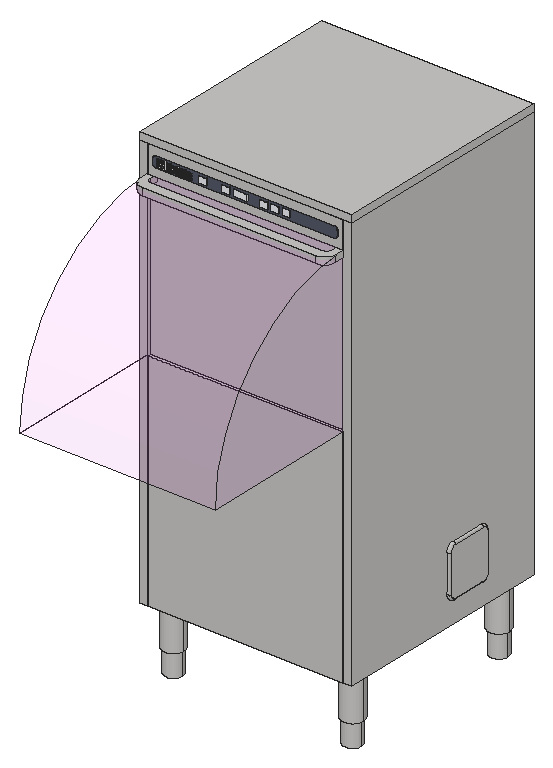
Revit family "QF_ELECTROLUXPROFESSIONAL_503023_WTU40PDP", category Attrezzature speciali, Revit 2020
Family settings
  Quota connettore circolare = Usa diametro
  Tipo di parte = Normale
  Basato su piano di lavoro = No
  Sempre verticale = Sì
  Taglio con vuoti quando caricato = No
  Condiviso = No
  Punto di calcolo locali = No
Parameters (values of type "Standard")
  Weight = 88.00 kg
  Watts = 9900 W
  Volts = 400 V
  URL Manufacturer = "https://www.electroluxprofessional.com/"
  URL = "https://www.electroluxprofessional.com/"
  Steam Supply Size = 0 mm
  Steam Supply Minimum Pressure = 0.0 Pa
  Steam Supply Maximum Pressure = 0.0 Pa
  Steam Consumption per Hour = 0
  Show Logo [instance] = yes
  Show Clearance [instance] = yes
  Refrigeration Suction Line Size = 0 mm
  Refrigeration Liquid Line Size = 0 mm
  Refrigerant Compressor Remote = yes
  Prospetto di default = 0 mm
  Produttore = "Electrolux Professional"
  Phase = 3
  Modello = "WTU40PDP"
  Length Actual = 642 mm  # constant formula
  Item Number = "503023"
  Hot Water Size = 19.05 mm
  Height Actual = 1477 mm  # constant formula
  HP = "13.3 HP"
  Gas Size = 0 mm
  Gas KW = 0
  Gas Input Pressure = 0 W
  Direct Waste Size = 20.5 mm
  Descrizione = "UTENSIL/DISHW. 65B/H,DRAIN P,PRESS.BOIL."
  Depth Actual = 723 mm  # constant formula
  Cycle = 50 Hz
  Condensate Return Size = 0 mm
  Compressed Air Volume = 0.0 L/s
  Compressed Air Size = 0 mm
  Compressed Air Pressure = 0.0 Pa
  Cold Water Size = 0 mm
  Accessory = yes
Reference planes
  plane 1: z = 0
  plane 2 "LEFT": x = -438
  plane 3 "BACK": y = 450
  plane 4: z = 904
  plane 5: y = 381
  plane 6: x = -388
  plane 7: z = 200
  plane 8: x = 204
  plane 9: x = -117
  plane 10: z = 880
  plane 11: z = 1477
  plane 12: z = 1363
  plane 13: x = 154
  plane 14: y = -239
  plane 15: y = -172
  plane 16: through (180, 105, 4000) normal (-0.7071, -0.7071, 0)
  plane 17: through (180, 125, 4000) normal (0.7071, -0.7071, 0)
  plane 18: through (47, -3351, 200) normal (-0.7071, 0, -0.7071)
  plane 19: through (47, -3351, 220) normal (0.7071, 0, -0.7071)
  plane 20: y = 392
  plane 21: x = -173
  plane 22: y = 392
  plane 23: x = -117
  plane 24: y = -76
  plane 25: x = -208
Forms (mm)
  Extrusion 1, solid, material "QF_Finishes_Stainless Steel"
    sketch origin (0, 211, 0) x (1, 0, 0) y (0, 1, 0)
      loop
        line (-438, 239) -> (-438, -450) -> (-413, -450) -> (-413, -418) -> (179, -418) -> (179, -450) -> (204, -450) -> (204, 239) -> (-438, 239)
    from 200 to 1455
  Extrusion 2, solid, material "QF_Finishes_Stainless Steel"
    sketch origin (-247.596, -58.023, 198) x (0, -1, 0) y (1, 0, 0)
      loop
        line (-163.023, 407.596) -> (-163.023, 427.596) -> (-183.023, 427.596) -> (-183.023, 407.596) -> (-163.023, 407.596)
    from 0 to 2
  Extrusion 3, solid, material "QF_Finishes_Stainless Steel"
    sketch origin (-1275.159, 1164.464, 194.383) x (1, 0, 0) y (0, 1, 0)
      loop
        circle (1102.159, -772.464) r 10
    from -9.383 to 5.617
  Extrusion 4, solid, material "QF_Finishes_Stainless Steel"
    sketch origin (-30, 211, -709) x (1, 0, 0) y (0, 1, 0)
      loop
        line (-383, -440) -> (209, -440) -> (209, -420) -> (-383, -420) -> (-383, -440)
    from 1589 to 2082
  Extrusion 5, solid, material "QF_Finishes_Stainless Steel"
    sketch origin (-30, 211, -1192) x (1, 0, 0) y (0, 1, 0)
      loop
        line (-383, -450) -> (209, -450) -> (209, -420) -> (-383, -420) -> (-383, -450)
    from 1392 to 2072
  Extrusion 6, solid, material "QF_Finishes_Door Clearance", visible <- "Show Clearance"
    sketch origin (-259, -429, 522.718) x (0, 1, 0) y (0, 0, -1)
      loop
        line (200, -357.282) -> (-293, -357.282)
        arc (-293, -357.282) -> (-148.604, -705.885) -> (200, -850.282) r 493
        line (200, -850.282) -> (200, -357.282)
    from 154 to -438
  Extrusion 7, solid, material "QF_Finishes_Stainless Steel"
    sketch origin (-30, 211, -19) x (1, 0, 0) y (0, 1, 0)
      loop
        line (-383, -450) -> (209, -450) -> (209, -420) -> (-383, -420) -> (-383, -450)
    from 1392 to 1474
  Extrusion 8, solid, material "QF_Finishes_Stainless Steel"
    sketch origin (-57, 0, 63) x (1, 0, 0) y (0, 1, 0)
      loop
        line (-381, -239) -> (261, -239) -> (261, 450) -> (-381, 450) -> (-381, -239)
    from 1392 to 1414
  Extrusion 9, solid, material "QF_Finishes_Stainless Steel"
    sketch origin (-380.596, 450, 36.977) x (1, 0, 0) y (0, 0, -1)
      loop
        line (407.596, -163.023) -> (407.596, -183.023) -> (427.596, -183.023) -> (427.596, -163.023) -> (407.596, -163.023)
    from 0 to 2
  Extrusion 10, solid, material "QF_Finishes_Stainless Steel"
    sketch origin (-1219.159, 1164.464, 194.383) x (1, 0, 0) y (0, 1, 0)
      loop
        circle (1102.159, -772.464) r 10
    from -9.383 to 5.617
  Extrusion 11, solid, material "QF_Finishes_Stainless Steel"
    sketch origin (-1107.159, 1164.464, 194.383) x (1, 0, 0) y (0, 1, 0)
      loop
        circle (1102.159, -772.464) r 10
    from -9.383 to 5.617
  Extrusion 12, solid, material "QF_Finishes_Stainless Steel"
    sketch origin (-1310.159, 696.464, 194.383) x (1, 0, 0) y (0, 1, 0)
      loop
        circle (1102.159, -772.464) r 10
    from -9.383 to 5.617
Dimensions and locks
  plane 4 to level = 904 mm
  plane 3 "BACK" to plane 5 = 69 mm
  plane 2 "LEFT" to plane 6 = 50 mm
  plane 2 "LEFT" to plane 8 = 642 mm
  equal spacing: plane 2 "LEFT", plane 9, plane 8
  plane 10 to level = 880 mm
  plane 11 to level = 1477 mm
  plane 12 to plane 10 = 483 mm
  nested 1 to plane 6 = 0 mm
  plane 13 to plane 8 = 50 mm
  plane 3 "BACK" to plane 14 = 689 mm
  plane 15 to plane 14 = 67 mm
  aligned and locked: level to plane 1
Automatic sketch dimensions
  Extrusion 1 sketch curve to plane 2 "LEFT" = 0 mm
  plane 14 to Extrusion 1 sketch curve = 0 mm  (x2)
  Extrusion 1 sketch curve to plane 3 "BACK" = 0 mm
  Extrusion 1 sketch curve to plane 8 = 0 mm
  plane 2 "LEFT" to Extrusion 1 sketch curve = 25 mm
  plane 8 to Extrusion 1 sketch curve = 25 mm
  Extrusion 1 sketch curve to plane 14 = 32 mm
  Extrusion 2 sketch curve to plane 16 = 0 mm
  plane 17 to Extrusion 2 sketch curve = 0 mm
  Extrusion 2 sketch curve to plane 17 = 0 mm
  Extrusion 2 sketch curve to plane 13 = 6 mm
  plane 20 to Extrusion 3 sketch curve = 0 mm
  Extrusion 3 sketch curve to plane 21 = 0 mm
  plane 2 "LEFT" to Extrusion 4 sketch curve = 25 mm
  plane 8 to Extrusion 4 sketch curve = 25 mm
  Extrusion 4 sketch curve to plane 14 = 10 mm
  Extrusion 4 sketch curve to Extrusion 4 sketch curve = 20 mm
  plane 14 to Extrusion 5 sketch curve = 0 mm
  plane 2 "LEFT" to Extrusion 5 sketch curve = 25 mm
  plane 8 to Extrusion 5 sketch curve = 25 mm
  Extrusion 5 sketch curve to plane 14 = 30 mm
  plane 10 to Extrusion 6 sketch curve = 0 mm  (x2)
  Extrusion 6 sketch curve to plane 14 = 10 mm
  plane 12 to Extrusion 6 sketch curve = 10 mm
  plane 14 to Extrusion 7 sketch curve = 0 mm
  plane 2 "LEFT" to Extrusion 7 sketch curve = 25 mm
  plane 8 to Extrusion 7 sketch curve = 25 mm
  Extrusion 7 sketch curve to plane 14 = 30 mm
  Extrusion 8 sketch curve to plane 3 "BACK" = 0 mm
  plane 14 to Extrusion 8 sketch curve = 0 mm
  Extrusion 8 sketch curve to plane 8 = 0 mm
  Extrusion 8 sketch curve to plane 2 "LEFT" = 0 mm
  plane 18 to Extrusion 9 sketch curve = 0 mm
  Extrusion 9 sketch curve to plane 7 = 0 mm
  Extrusion 9 sketch curve to plane 19 = 0 mm  (x2)
  Extrusion 10 sketch curve to plane 9 = 0 mm
  plane 20 to Extrusion 10 sketch curve = 0 mm
  plane 20 to Extrusion 11 sketch curve = 0 mm
  Extrusion 11 sketch curve to plane 9 = 112 mm
  plane 2 "LEFT" to Extrusion 12 sketch curve = 230 mm
  Extrusion 12 sketch curve to plane 5 = 457 mm
  radius of Extrusion 3 sketch curve = 10 mm
  radius of Extrusion 10 sketch curve = 10 mm
  radius of Extrusion 11 sketch curve = 10 mm
  radius of Extrusion 12 sketch curve = 10 mm
Nested families
  nested 1: "Piedino H200 - DISHWASHING" at (-388, -172, 0), type "Piedino H200 - DISHWASHING"
    with H 200 mm
  nested 2: "Piedino H200 - DISHWASHING" at (-388, 381, 0), type "Piedino H200 - DISHWASHING"
    with H 200 mm
  nested 3: "Piedino H200 - DISHWASHING" at (154, -172, 0), type "Piedino H200 - DISHWASHING"
    with H 200 mm
  nested 4: "Piedino H200 - DISHWASHING" at (154, 381, 0), type "Piedino H200 - DISHWASHING"
    with H 200 mm
  nested 5: "MANIGLIA_DISHWASHING_ROUND" at (-117, -229, 1362.997) x (1, 0, 0) z (0, -1, 0), type "MANIGLIA_DISHWASHING_ROUND"
  nested 6: "Tastierino_DISHWASHING_BLU ELECTROLUX - LUNGO" at (-117, -239, 1414) x (1, 0, 0) z (0, -1, 0), type "Tastierino_DISHWASHING_BLU ELECTROLUX - LUNGO"
    with Show Logo yes
  nested 7: "BOCCHETTONE DISHWASHING" at (204, 191, 350) x (0, -1, 0) z (1, 0, 0), type "BOCCHETTONE DISHWASHING"
  nested 8: "ELX_LOGO_MONO_SMALL_WHITE" at (-360.07, -240, 1463) x (1, 0, 0) z (0, -1, 0), Show Logo <- "Show Logo", visible <- "Show Logo", type "ELX_LOGO_MONO_SMALL_WHITE"
    with Show Logo yes
  nested 9: "ELX_LOGO_WORDS_WHITE" at (-314.654, -240, 1414) x (1, 0, 0) z (0, -1, 0), Show Logo <- "Show Logo", visible <- "Show Logo", type "ELX_LOGO_WORDS_WHITE"
    with Show Logo yes
Connectors
  electrical at (170, 115, 198)
    settings: on Extrusion 2, index 69, voltage 0 V, apparent load 0 VA, apparent load phase1 0 VA, apparent load phase2 0 VA, apparent load phase3 0 VA, power factor 1, load classification "Altro", number of poles 1, system type 30, power factor state 1, is connector primary yes, connector utility no, sub classification motor no, connector description "EI"
  piping at (-173, 392, 185), diameter 12.9
    settings: on Extrusion 3, index 70, connector inside diameter 609.6 mm, connector length 0 mm, flow factor 0, pipe flow 0.0 L/s, pressure drop 0.0 Pa, fitting loss kfactor 0, connector angle 0.00°, fixture units 0, engagement length 0 mm, angle of deflection 0.00°, flow configuration 0, flow direction 0, fitting loss method 0, system type 29, joint type 0, gender type 0, connector reference index -1, connector utility 0, adjustable connector no, is connector primary yes, connector description "XD"
  electrical at (37, 450, 210)
    settings: on Extrusion 9, index 71, voltage 0 V, apparent load 0 VA, apparent load phase1 0 VA, apparent load phase2 0 VA, apparent load phase3 0 VA, power factor 1, load classification "Altro", number of poles 1, system type 30, power factor state 1, is connector primary no, connector utility no, sub classification motor no, connector description "EQ"
  piping at (-117, 392, 185), diameter 12.9
    settings: on Extrusion 10, index 72, connector inside diameter 609.6 mm, connector length 0 mm, flow factor 0, pipe flow 0.0 L/s, pressure drop 0.0 Pa, fitting loss kfactor 0, connector angle 0.00°, fixture units 0, engagement length 0 mm, angle of deflection 0.00°, flow configuration 0, flow direction 0, fitting loss method 0, system type 29, joint type 0, gender type 0, connector reference index -1, connector utility 0, adjustable connector no, is connector primary no, connector description "D"
  piping at (-5, 392, 185), diameter 12.9
    settings: on Extrusion 11, index 73, connector inside diameter 609.6 mm, connector length 0 mm, flow factor 0, pipe flow 0.0 L/s, pressure drop 0.0 Pa, fitting loss kfactor 0, connector angle 0.00°, fixture units 0, engagement length 0 mm, angle of deflection 0.00°, flow configuration 0, flow direction 0, fitting loss method 0, system type 29, joint type 0, gender type 0, connector reference index -1, connector utility 0, adjustable connector no, is connector primary no, connector description "HWI"
  piping at (-208, -76, 185), diameter 12.9
    settings: on Extrusion 12, index 74, connector inside diameter 609.6 mm, connector length 0 mm, flow factor 0, pipe flow 0.0 L/s, pressure drop 0.0 Pa, fitting loss kfactor 0, connector angle 0.00°, fixture units 0, engagement length 0 mm, angle of deflection 0.00°, flow configuration 0, flow direction 0, fitting loss method 0, system type 29, joint type 0, gender type 0, connector reference index -1, connector utility 0, adjustable connector no, is connector primary no, connector description "D"
Definition of nested family "Piedino H200 - DISHWASHING"
  Parameters (values of type "Piedino H200 - DISHWASHING")
    Default Elevation = 0 mm
    H [instance] = 200 mm
  Reference planes
    plane 1 "Centro (Fronte/Retro)": y = 0
    plane 2: z = 0
    plane 3 "Centro (Sinistra/Destra)": x = 0
    plane 4: z = 70.047
  Forms (mm)
    Revolve 1, solid
      sketch origin (55, 0, 0) x (-1, 0, 0) y (0, 0, -1)
        loop
          line (55, 0) -> (27.6, 0) -> (27.6, -70.047) -> (22.6, -70.047) -> (22.6, -200) -> (55, -200) -> (55, 0)
        axis (55, 0) -> (55, -200)
      angle from 0 to 360
  Dimensions and locks
    "H": Revolve 1 to plane 2
    aligned and locked: level to plane 2
  Automatic sketch dimensions
    Revolve 1 sketch curve to plane 4 = 0 mm
    Revolve 1 sketch curve to level = 0 mm
    Revolve 1 sketch curve to plane 3 "Centro (Sinistra/Destra)" = 0 mm  (x2)
    plane 3 "Centro (Sinistra/Destra)" to Revolve 1 sketch curve = 27.4 mm
    Revolve 1 sketch curve to Revolve 1 sketch curve = 5 mm
    Revolve 1 sketch curve to plane 4 = 129.953 mm
    Revolve 1 sketch curve to Revolve 1 sketch curve = 0 mm
    Revolve 1 sketch curve to Revolve 1 sketch curve = 20 mm
Definition of nested family "MANIGLIA_DISHWASHING_ROUND"
  Parameters (values of type "MANIGLIA_DISHWASHING_ROUND")
    Default Elevation = 1219.2 mm
  Reference planes
    plane 1 "Centro (Fronte/Retro)": y = 0
    plane 2: z = 0
    plane 3 "Centro (Sinistra/Destra)": x = 0
    plane 4: z = 72
    plane 5: x = -296
    plane 6: x = 296
  Forms (mm)
    Extrusion 1, solid
      sketch origin (0, 0, 0) x (1, 0, 0) y (0, 1, 0)
        loop
          line (-1219.2, 1219.2) -> (-1219.2, -1219.2) -> (1219.2, -1219.2) -> (1219.2, 1219.2) -> (-1219.2, 1219.2)
      from 0 to -304.8
    Extrusion 2, solid
      sketch origin (0, 10.003, 0) x (1, 0, 0) y (0, 0, 1)
        loop
          line (-296, 0) -> (-276, 0) -> (-276, 27)
          arc (-276, 27) -> (-271.607, 37.607) -> (-261, 42) r 15
          line (-261, 42) -> (261, 42)
          arc (261, 42) -> (271.607, 37.607) -> (276, 27) r 15
          line (276, 27) -> (276, 0) -> (296, 0) -> (296, 37)
          arc (296, 37) -> (285.749, 61.749) -> (261, 72) r 35
          line (261, 72) -> (-261, 72)
          arc (-261, 72) -> (-285.749, 61.749) -> (-296, 37) r 35
          line (-296, 37) -> (-296, 0)
      from 0 to 20.005
  Dimensions and locks
    plane 5 to plane 6 = 592 mm
    aligned and locked: plane 2 to Extrusion 1
    aligned and locked: level to Extrusion 1
Definition of nested family "Tastierino_DISHWASHING_BLU ELECTROLUX - LUNGO"
  Parameters (values of type "Tastierino_DISHWASHING_BLU ELECTROLUX - LUNGO")
    Show Logo [instance] = yes
    Default Elevation = 1219.2 mm
  Reference planes
    plane 1 "Centro (Fronte/Retro)": y = 0
    plane 2: z = 0
    plane 3 "Centro (Sinistra/Destra)": x = 0
  Forms (mm)
    Extrusion 1, solid
      sketch origin (0, 0, 0) x (1, 0, 0) y (0, 1, 0)
        loop
          line (-1219.2, 1219.2) -> (-1219.2, -1219.2) -> (1219.2, -1219.2) -> (1219.2, 1219.2) -> (-1219.2, 1219.2)
      from 0 to -304.8
    Extrusion 2, solid
      sketch origin (0, -346.27, 0) x (1, 0, 0) y (0, 1, 0)
        loop
          line (-279, 352.097) -> (-279, 340.442)
          arc (-279, 340.442) -> (-276.071, 333.371) -> (-269, 330.442) r 10
          line (-269, 330.442) -> (269, 330.442)
          arc (269, 330.442) -> (276.071, 333.371) -> (279, 340.442) r 10
          line (279, 340.442) -> (279, 352.097)
          arc (279, 352.097) -> (276.071, 359.169) -> (269, 362.097) r 10
          line (269, 362.097) -> (-269, 362.097)
          arc (-269, 362.097) -> (-276.071, 359.169) -> (-279, 352.097) r 10
      from 0 to 1
    Extrusion 3, solid
      sketch origin (15, -346.27, 0) x (1, 0, 0) y (0, 1, 0)
        loop
          line (-154.168, 355.847) -> (-154.168, 336.692) -> (-131.389, 336.692) -> (-131.389, 355.847) -> (-154.168, 355.847)
        loop
          line (-84.168, 355.847) -> (-84.168, 336.692) -> (-61.389, 336.692) -> (-61.389, 355.847) -> (-84.168, 355.847)
        loop
          line (30.832, 355.847) -> (30.832, 336.692) -> (53.611, 336.692) -> (53.611, 355.847) -> (30.832, 355.847)
        loop
          line (63.497, 355.847) -> (63.497, 336.692) -> (86.275, 336.692) -> (86.275, 355.847) -> (63.497, 355.847)
        loop
          line (98.497, 355.847) -> (98.497, 336.692) -> (121.275, 336.692) -> (121.275, 355.847) -> (98.497, 355.847)
        loop
          line (-48.676, 355.847) -> (-48.676, 336.692) -> (-8.383, 336.692) -> (-8.383, 355.847) -> (-48.676, 355.847)
      from 0 to 2
  Dimensions and locks
    aligned and locked: plane 2 to Extrusion 1
    aligned and locked: level to Extrusion 1
Definition of nested family "BOCCHETTONE DISHWASHING"
  Parameters (values of type "BOCCHETTONE DISHWASHING")
    Default Elevation = 1219.2 mm
  Reference planes
    plane 1 "Centro (Fronte/Retro)": y = 0
    plane 2: z = 0
    plane 3 "Centro (Sinistra/Destra)": x = 0
  Forms (mm)
    Extrusion 1, solid
      sketch origin (0, 0, 0) x (1, 0, 0) y (0, 1, 0)
        loop
          line (-1219.2, 1219.2) -> (-1219.2, -1219.2) -> (1219.2, -1219.2) -> (1219.2, 1219.2) -> (-1219.2, 1219.2)
      from 0 to -304.8
    Extrusion 2, solid
      sketch origin (-411.544, -195.727, 0) x (1, 0, 0) y (0, 1, 0)
        loop
          arc (359.044, 268.227) -> (348.437, 263.833) -> (344.044, 253.227) r 15
          line (344.044, 253.227) -> (344.044, 138.227)
          arc (344.044, 138.227) -> (348.437, 127.62) -> (359.044, 123.227) r 15
          line (359.044, 123.227) -> (464.044, 123.227)
          arc (464.044, 123.227) -> (474.65, 127.62) -> (479.044, 138.227) r 15
          line (479.044, 138.227) -> (479.044, 253.227)
          arc (479.044, 253.227) -> (474.65, 263.833) -> (464.044, 268.227) r 15
          line (464.044, 268.227) -> (359.044, 268.227)
      from 0 to 13.165
    Sweep 3, solid
      path in 3D
        loop
          arc (-52.5, 72.5, 13.165) -> (-63.107, 68.107, 13.165) -> (-67.5, 57.5, 13.165) r 15
          line (-67.5, 57.5, 13.165) -> (-67.5, -57.5, 13.165)
          arc (-67.5, -57.5, 13.165) -> (-63.107, -68.107, 13.165) -> (-52.5, -72.5, 13.165) r 15
          line (-52.5, -72.5, 13.165) -> (52.5, -72.5, 13.165)
          arc (52.5, -72.5, 13.165) -> (63.107, -68.107, 13.165) -> (67.5, -57.5, 13.165) r 15
          line (67.5, -57.5, 13.165) -> (67.5, 57.5, 13.165)
          arc (67.5, 57.5, 13.165) -> (63.107, 68.107, 13.165) -> (52.5, 72.5, 13.165) r 15
          line (52.5, 72.5, 13.165) -> (-52.5, 72.5, 13.165)
      profile origin (0, 72.5, 13.165) x (0, 0, 1) y (0, 1, 0)
        loop
          arc (-1.054, 0) -> (-6.598, 5.544) -> (-12.141, 0) r 5.544
          line (-12.141, 0) -> (-1.054, 0)
  Lines and regions (mm)
    sketch lines
      curve 1: line (52.5, 72.5, 13.165) -> (-52.5, 72.5, 13.165)
      curve 2: arc (-67.5, 57.5, 13.165) -> (-63.107, 68.107, 13.165) -> (-52.5, 72.5, 13.165) r 15
      curve 3: line (-67.5, 57.5, 13.165) -> (-67.5, -57.5, 13.165)
      curve 4: arc (-52.5, -72.5, 13.165) -> (-63.107, -68.107, 13.165) -> (-67.5, -57.5, 13.165) r 15
      curve 5: line (-52.5, -72.5, 13.165) -> (52.5, -72.5, 13.165)
      curve 6: line (67.5, -57.5, 13.165) -> (67.5, 57.5, 13.165)
      curve 7: arc (52.5, 72.5, 13.165) -> (63.107, 68.107, 13.165) -> (67.5, 57.5, 13.165) r 15
      curve 8: arc (67.5, -57.5, 13.165) -> (63.107, -68.107, 13.165) -> (52.5, -72.5, 13.165) r 15
  Dimensions and locks
    aligned and locked: plane 2 to Extrusion 1
    aligned and locked: level to Extrusion 1
Definition of nested family "ELX_LOGO_MONO_SMALL_WHITE"
  Parameters (values of type "ELX_LOGO_MONO_SMALL_WHITE")
    Show Logo [instance] = yes
    Default Elevation = 1219.2 mm
  Reference planes
    plane 1 "Center (Front/Back)": y = -49
    plane 2: z = 0
    plane 3 "Center (Left/Right)": x = -9.92
  Forms (mm)
    Extrusion 1, solid
      sketch origin (0, 0, 0) x (1, 0, 0) y (0, 1, 0)
        loop
          line (-1219.2, 1219.2) -> (-1219.2, -1219.2) -> (1219.2, -1219.2) -> (1219.2, 1219.2) -> (-1219.2, 1219.2)
      from 0 to -304.8
    Extrusion 2, solid, visible <- "Show Logo"
      sketch origin (84.462, 509.781, 0) x (1, 0, 0) y (0, 1, 0)
        loop
          line (-97.736, -569.727) -> (-97.736, -547.891)
          arc (-97.736, -547.891) -> (-105.808, -558.809) -> (-97.736, -569.727) r 11.42
        loop
          arc (-96.625, -569.727) -> (-87.544, -567.663) -> (-83.169, -559.442) r 11.191
          line (-83.169, -559.442) -> (-86.782, -559.442)
          arc (-86.782, -559.442) -> (-93.235, -562.062) -> (-96.625, -568.146) r 10.49
          line (-96.625, -568.146) -> (-96.625, -569.727)
        loop
          arc (-96.625, -549.472) -> (-93.235, -555.557) -> (-86.782, -558.176) r 10.49
          line (-86.782, -558.176) -> (-83.169, -558.176)
          arc (-83.169, -558.176) -> (-87.537, -549.888) -> (-96.625, -547.611) r 11.484
          line (-96.625, -547.611) -> (-96.625, -549.472)
        loop
          line (-82.34, -570.919) -> (-82.34, -546.65) -> (-106.642, -546.65) -> (-106.642, -570.919) -> (-82.34, -570.919)
      from 0 to 1.644
  Dimensions and locks
    aligned and locked: plane 2 to Extrusion 1
    aligned and locked: level to Extrusion 1
Definition of nested family "ELX_LOGO_WORDS_WHITE"
  Parameters (values of type "ELX_LOGO_WORDS_WHITE")
    Show Logo [instance] = yes
    Default Elevation = 0 mm
  Reference planes
    plane 1 "Centro (Fronte/Retro)": y = 0
    plane 2: z = 0
    plane 3 "Centro (Sinistra/Destra)": x = 0
  Forms (mm)
    Extrusion 1, solid
      sketch origin (0, 0, 0) x (1, 0, 0) y (0, 1, 0)
        loop
          line (-1219.2, 1219.2) -> (-1219.2, -1219.2) -> (1219.2, -1219.2) -> (1219.2, 1219.2) -> (-1219.2, 1219.2)
      from 0 to -304.8
    Extrusion 2, solid, visible <- "Show Logo"
      sketch origin (0, 0, 0) x (1, 0, 0) y (0, 1, 0)
        loop
          line (-30.234, 10.561) -> (-37.67, 10.561) -> (-37.67, 1.902)
          arc (-37.67, 1.902) -> (-36.691, -0.461) -> (-34.329, -1.439) r 3.341
          line (-34.329, -1.439) -> (-30.09, -1.439) -> (-30.09, 0.503) -> (-33.845, 0.503)
          arc (-33.845, 0.503) -> (-35.079, 0.92) -> (-35.604, 2.112) r 1.615
          line (-35.604, 2.112) -> (-35.604, 3.829) -> (-30.555, 3.829) -> (-30.555, 5.779) -> (-35.604, 5.779) -> (-35.604, 8.617) -> (-30.234, 8.617) -> (-30.234, 10.561)
        loop
          line (-28.622, 10.561) -> (-28.622, -1.439) -> (-26.555, -1.439) -> (-26.555, 10.561) -> (-28.622, 10.561)
        loop
          line (16.27, 10.561) -> (16.27, -1.439) -> (18.338, -1.439) -> (18.338, 10.561) -> (16.27, 10.561)
        loop
          line (-23.137, 2.393) -> (-16.354, 2.393)
          arc (-16.354, 2.393) -> (-17.415, 6.119) -> (-21.043, 7.478) r 4.298
          arc (-21.043, 7.478) -> (-24.239, 5.857) -> (-25.151, 2.393) r 4.373
          arc (-25.151, 2.393) -> (-23.951, -0.505) -> (-21.053, -1.705) r 4.097
          arc (-21.053, -1.705) -> (-18.799, -1.372) -> (-16.908, -0.099) r 5.15
          line (-16.908, -0.099) -> (-18.133, 1.125)
          arc (-18.133, 1.125) -> (-19.74, 0.161) -> (-21.607, 0.323) r 3.039
          arc (-21.607, 0.323) -> (-22.746, 1.081) -> (-23.137, 2.393) r 2.013
        loop
          line (-23.085, 3.846) -> (-18.431, 3.846)
          arc (-18.431, 3.846) -> (-19.084, 5.22) -> (-20.519, 5.727) r 1.983
          arc (-20.519, 5.727) -> (-22.175, 5.295) -> (-23.085, 3.846) r 2.321
        loop
          line (-8.297, 4.711) -> (-6.999, 6.009)
          arc (-6.999, 6.009) -> (-8.627, 7.187) -> (-10.604, 7.539) r 4.497
          arc (-10.604, 7.539) -> (-13.621, 6.437) -> (-15.204, 3.642) r 4.652
          arc (-15.204, 3.642) -> (-12.536, -1.257) -> (-7.072, -0.127) r 4.684
          line (-7.072, -0.127) -> (-8.363, 1.163)
          arc (-8.363, 1.163) -> (-11.149, 0.242) -> (-13.145, 2.393) r 2.714
          arc (-13.145, 2.393) -> (-13.006, 4.094) -> (-11.835, 5.335) r 2.578
          arc (-11.835, 5.335) -> (-9.96, 5.621) -> (-8.297, 4.711) r 2.961
        loop
          line (-5.73, 10.561) -> (-5.73, 2.36)
          arc (-5.73, 2.36) -> (-5.551, 1.13) -> (-5.09, -0.025) r 5.301
          arc (-5.09, -0.025) -> (-3.615, -1.198) -> (-1.746, -1.445) r 3.531
          line (-1.746, -1.445) -> (-1.746, 0.492)
          arc (-1.746, 0.492) -> (-2.302, 0.534) -> (-2.82, 0.74) r 1.862
          arc (-2.82, 0.74) -> (-3.484, 1.442) -> (-3.662, 2.393) r 1.713
          line (-3.662, 2.393) -> (-3.662, 5.362) -> (-1.785, 5.362) -> (-1.785, 7.24) -> (-3.662, 7.24) -> (-3.662, 10.561) -> (-5.73, 10.561)
        loop
          arc (2.004, 3.123) -> (2.152, 3.988) -> (2.578, 4.755) r 2.607
          arc (2.578, 4.755) -> (3.817, 5.391) -> (5.208, 5.362) r 2.84
          line (5.208, 5.362) -> (5.208, 7.349)
          arc (5.208, 7.349) -> (3.39, 7.177) -> (2.004, 5.989) r 3.016
          line (2.004, 5.989) -> (2.004, 7.24) -> (-0.046, 7.24) -> (-0.046, -1.439) -> (2.004, -1.439) -> (2.004, 3.123)
        loop
          circle (10.262, 2.899) r 4.599
        loop
          circle (10.262, 2.899) r 2.787
        loop
          arc (25.793, 2.175) -> (25.283, 0.772) -> (23.898, 0.213) r 1.835
          arc (23.898, 0.213) -> (22.514, 0.772) -> (22.004, 2.175) r 1.835
          line (22.004, 2.175) -> (22.004, 7.24) -> (19.919, 7.24) -> (19.919, 2.003)
          arc (19.919, 2.003) -> (21.105, -0.701) -> (23.898, -1.659) r 3.675
          arc (23.898, -1.659) -> (26.723, -0.672) -> (27.877, 2.088) r 3.675
          line (27.877, 2.088) -> (27.877, 7.24) -> (25.793, 7.24) -> (25.793, 2.175)
        loop
          line (29.126, 7.24) -> (32.128, 3.164) -> (28.83, -1.442) -> (31.052, -1.442) -> (33.241, 1.615) -> (35.462, -1.442) -> (37.67, -1.442) -> (34.419, 3.211) -> (37.392, 7.24) -> (35.135, 7.24) -> (33.234, 4.663) -> (31.362, 7.24) -> (29.126, 7.24)
        loop
          line (-35.875, -6.414) -> (-37.523, -6.414) -> (-37.523, -10.564) -> (-36.621, -10.564) -> (-36.621, -9.135) -> (-35.625, -9.135)
          arc (-35.625, -9.135) -> (-34.509, -7.66) -> (-35.875, -6.414) r 1.372
        loop
          arc (-35.664, -8.32) -> (-35.322, -7.786) -> (-35.664, -7.253) r 0.587
          line (-35.664, -7.253) -> (-36.621, -7.253) -> (-36.621, -8.32) -> (-35.664, -8.32)
        loop
          line (-29.363, -6.414) -> (-31.04, -6.414) -> (-31.04, -10.564) -> (-30.138, -10.564) -> (-30.138, -9.135) -> (-29.265, -9.135) -> (-28.669, -10.564) -> (-27.7, -10.564) -> (-28.516, -8.814)
          arc (-28.516, -8.814) -> (-28.125, -8.347) -> (-27.994, -7.752) r 1.281
          arc (-27.994, -7.752) -> (-28.406, -6.804) -> (-29.363, -6.414) r 1.37
        loop
          line (-30.138, -7.253) -> (-30.138, -8.32) -> (-29.18, -8.32)
          arc (-29.18, -8.32) -> (-28.839, -7.786) -> (-29.18, -7.253) r 0.587
          line (-29.18, -7.253) -> (-30.138, -7.253)
        loop
          circle (-22.402, -8.489) r 2.156
        loop
          circle (-22.402, -8.489) r 1.368
        loop
          line (-16.703, -6.414) -> (-16.703, -10.564) -> (-15.823, -10.564) -> (-15.823, -9.114) -> (-14.261, -9.114) -> (-14.261, -8.184) -> (-15.823, -8.184) -> (-15.823, -7.308) -> (-14.111, -7.308) -> (-14.111, -6.414) -> (-16.703, -6.414)
        loop
          line (-10.611, -6.414) -> (-10.611, -9.216)
          arc (-10.611, -9.216) -> (-10.229, -10.166) -> (-9.284, -10.561) r 1.327
          line (-9.284, -10.561) -> (-7.945, -10.561) -> (-7.945, -9.777) -> (-9.204, -9.777)
          arc (-9.204, -9.777) -> (-9.668, -9.394) -> (-9.759, -8.799) r 0.845
          line (-9.759, -8.799) -> (-8.1, -8.799) -> (-8.1, -8.015) -> (-9.759, -8.015) -> (-9.759, -7.198) -> (-7.985, -7.198) -> (-7.985, -6.414) -> (-10.611, -6.414)
        loop
          arc (4.417, -6.94) -> (3.867, -6.489) -> (3.171, -6.345) r 1.485
          arc (3.171, -6.345) -> (2.528, -6.503) -> (2, -6.902) r 1.645
          arc (2, -6.902) -> (1.902, -7.844) -> (2.51, -8.571) r 1.217
          arc (2.51, -8.571) -> (3.021, -8.741) -> (3.506, -8.976) r 4.201
          arc (3.506, -8.976) -> (3.812, -9.337) -> (3.601, -9.761) r 0.43
          arc (3.601, -9.761) -> (3.209, -9.853) -> (2.819, -9.754) r 0.846
          arc (2.819, -9.754) -> (2.482, -9.511) -> (2.275, -9.15) r 0.983
          line (2.275, -9.15) -> (1.549, -9.489)
          arc (1.549, -9.489) -> (1.811, -9.993) -> (2.232, -10.374) r 1.595
          arc (2.232, -10.374) -> (2.71, -10.578) -> (3.227, -10.63) r 1.719
          arc (3.227, -10.63) -> (3.867, -10.503) -> (4.442, -10.197) r 2.246
          arc (4.442, -10.197) -> (4.697, -9.52) -> (4.566, -8.81) r 1.349
          arc (4.566, -8.81) -> (4.282, -8.482) -> (3.919, -8.245) r 1.564
          arc (3.919, -8.245) -> (3.46, -8.04) -> (2.99, -7.864) r 8.236
          arc (2.99, -7.864) -> (2.718, -7.441) -> (3.111, -7.128) r 0.375
          arc (3.111, -7.128) -> (3.581, -7.241) -> (3.943, -7.563) r 0.998
          line (3.943, -7.563) -> (4.417, -6.94)
        loop
          line (8.225, -6.414) -> (8.225, -10.561) -> (9.077, -10.561) -> (9.077, -6.414) -> (8.225, -6.414)
        loop
          circle (14.827, -8.488) r 1.29
        loop
          circle (14.827, -8.488) r 2.154
        loop
          line (20.548, -10.561) -> (21.409, -10.561) -> (21.409, -7.954) -> (23.306, -10.561) -> (24.135, -10.561) -> (24.135, -6.414) -> (23.274, -6.414) -> (23.274, -9.101) -> (21.377, -6.414) -> (20.548, -6.414) -> (20.548, -10.561)
        loop
          line (28.435, -10.561) -> (28.839, -9.667) -> (30.373, -9.667) -> (30.777, -10.561) -> (31.693, -10.561) -> (29.942, -6.414) -> (29.142, -6.414) -> (27.519, -10.561) -> (28.435, -10.561)
        loop
          line (29.99, -8.816) -> (29.579, -7.905) -> (29.18, -8.816) -> (29.99, -8.816)
        loop
          line (35.929, -9.777) -> (35.929, -6.414) -> (35.076, -6.414) -> (35.076, -10.561) -> (37.523, -10.561) -> (37.523, -9.777) -> (35.929, -9.777)
        loop
          arc (-1.8, -6.94) -> (-2.35, -6.489) -> (-3.046, -6.345) r 1.485
          arc (-3.046, -6.345) -> (-3.689, -6.503) -> (-4.218, -6.902) r 1.645
          arc (-4.218, -6.902) -> (-4.316, -7.844) -> (-3.708, -8.571) r 1.217
          arc (-3.708, -8.571) -> (-3.197, -8.741) -> (-2.712, -8.976) r 4.201
          arc (-2.712, -8.976) -> (-2.405, -9.337) -> (-2.616, -9.761) r 0.43
          arc (-2.616, -9.761) -> (-3.008, -9.853) -> (-3.399, -9.754) r 0.846
          arc (-3.399, -9.754) -> (-3.736, -9.511) -> (-3.942, -9.15) r 0.983
          line (-3.942, -9.15) -> (-4.668, -9.489)
          arc (-4.668, -9.489) -> (-4.407, -9.993) -> (-3.985, -10.374) r 1.595
          arc (-3.985, -10.374) -> (-3.507, -10.578) -> (-2.99, -10.63) r 1.719
          arc (-2.99, -10.63) -> (-2.351, -10.503) -> (-1.775, -10.197) r 2.246
          arc (-1.775, -10.197) -> (-1.521, -9.52) -> (-1.652, -8.81) r 1.349
          arc (-1.652, -8.81) -> (-1.936, -8.482) -> (-2.298, -8.245) r 1.564
          arc (-2.298, -8.245) -> (-2.757, -8.04) -> (-3.228, -7.864) r 8.236
          arc (-3.228, -7.864) -> (-3.5, -7.441) -> (-3.107, -7.128) r 0.375
          arc (-3.107, -7.128) -> (-2.636, -7.241) -> (-2.274, -7.563) r 0.998
          line (-2.274, -7.563) -> (-1.8, -6.94)
      from 0 to 1.644
  Dimensions and locks
    aligned and locked: plane 2 to Extrusion 1
    aligned and locked: level to Extrusion 1
